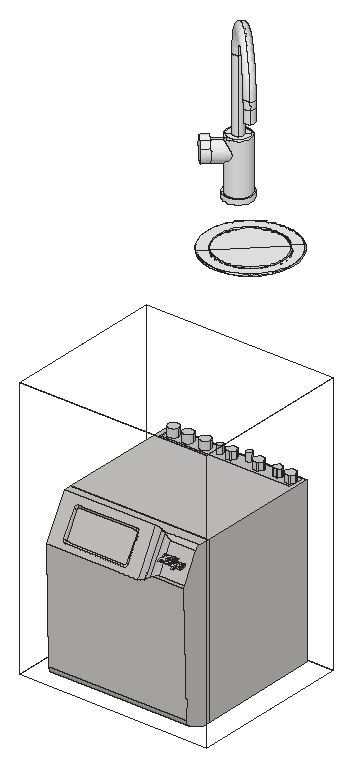
Revit family "PlumFixt_Zip Australia_Design Arc_BA", category Plumbing Fixtures, Revit 2015 (continued)
Definition of nested family "z_PlumFixt_Zip_Classic-Design_BA"
  Definition of nested family "Equipment"
    Forms (mm)
      Sweep 3, void
        profile origin (-24.148, -112.935, 319.796) x (0, 0.5, 0.866025) y (0, -0.866025, 0.5)
          loop
            line (0, 0) -> (-3.996, 0) -> (-3.996, -3.143) -> (-3.143, -3.143)
            arc (-3.143, -3.143) -> (-2.223, -0.921) -> (0, 0) r 3.143
      Extrusion 4, void
        sketch origin (-128.52, -126.754, 295.861) x (1, 0, 0) y (0, 0.5, 0.866025)
          loop
            line (43.252, 21.639) -> (43.252, -30.563)
            arc (43.252, -30.563) -> (43.839, -31.98) -> (45.256, -32.567) r 2.004
            line (45.256, -32.567) -> (163.487, -32.567)
            arc (163.487, -32.567) -> (164.904, -31.98) -> (165.491, -30.563) r 2.004
            line (165.491, -30.563) -> (165.491, 21.639)
            arc (165.491, 21.639) -> (164.904, 23.056) -> (163.487, 23.643) r 2.004
            line (163.487, 23.643) -> (45.256, 23.643)
            arc (45.256, 23.643) -> (43.839, 23.056) -> (43.252, 21.639) r 2.004
        from -3.143 to 0
      Extrusion 5, solid
        sketch origin (-197.405, -43.245, 461.287) x (0, -0.5, -0.866025) y (1, 0, 0)
          loop
            line (177.191, 305.834) -> (182.261, 303.157) -> (182.261, 310.561) -> (186.994, 300.759) -> (192.361, 297.905) -> (192.361, 318.632) -> (187.163, 321.281) -> (187.163, 312.107) -> (182.566, 321.532) -> (177.191, 324.39) -> (177.191, 305.834)
          loop
            line (178.987, 306.95) -> (180.424, 306.191) -> (180.424, 318.591) -> (188.404, 302.063) -> (190.507, 300.945) -> (190.507, 317.572) -> (188.992, 318.344) -> (188.992, 304.086) -> (181.221, 320.181) -> (178.987, 321.369) -> (178.987, 306.95)
          loop
            line (181.346, 324.627) -> (181.346, 330.26) -> (177.191, 332.469) -> (177.191, 326.836) -> (181.346, 324.627)
          loop
            line (178.795, 327.832) -> (179.812, 327.291) -> (179.812, 329.329) -> (178.795, 329.869) -> (178.795, 327.832)
          loop
            line (181.56, 324.595) -> (188.534, 321.042)
            arc (188.534, 321.042) -> (191.105, 321.143) -> (192.361, 323.387) r 2.632
            line (192.361, 323.387) -> (192.361, 328.141) -> (196.756, 325.805) -> (196.756, 331.592) -> (192.361, 333.928) -> (192.361, 341.484)
            arc (192.361, 341.484) -> (191.692, 343.898) -> (189.876, 345.621) r 4.686
            line (189.876, 345.621) -> (185.69, 347.847)
            arc (185.69, 347.847) -> (182.923, 347.775) -> (181.56, 345.366) r 2.81
            line (181.56, 345.366) -> (181.56, 333.819) -> (187.152, 330.845) -> (187.152, 327.364) -> (181.56, 330.303) -> (181.56, 324.595)
          loop
            line (184.689, 335.875) -> (189.05, 333.556) -> (189.05, 341.038)
            arc (189.05, 341.038) -> (188.759, 342.084) -> (187.972, 342.831) r 2.031
            line (187.972, 342.831) -> (186.101, 343.826)
            arc (186.101, 343.826) -> (185.155, 343.801) -> (184.689, 342.977) r 0.961
            line (184.689, 342.977) -> (184.689, 335.875)
          loop
            line (183.345, 325.722) -> (189.316, 322.584)
            arc (189.316, 322.584) -> (190.15, 322.609) -> (190.559, 323.335) r 0.848
            line (190.559, 323.335) -> (190.559, 331.219) -> (194.987, 328.865) -> (194.987, 330.399) -> (190.559, 332.753) -> (190.559, 341.486)
            arc (190.559, 341.486) -> (190.162, 342.921) -> (189.082, 343.945) r 2.785
            line (189.082, 343.945) -> (184.737, 346.255)
            arc (184.737, 346.255) -> (183.722, 346.228) -> (183.222, 345.344) r 1.032
            line (183.222, 345.344) -> (183.222, 334.979) -> (189.05, 331.88) -> (189.05, 325.843)
            arc (189.05, 325.843) -> (188.607, 325.059) -> (187.707, 325.032) r 0.916
            line (187.707, 325.032) -> (183.345, 327.325) -> (183.345, 325.722)
        from -0.6 to 0.246
    Cuts and joins
      Extrusion 2, Sweep 3, Extrusion 4 cuts Extrusion 1
    Lines and regions (mm)
      model lines, detail levels fine
        curve 1: line (-117.5, -89.099, 243.972) -> (-117.5, -150.536, 243.972)
        curve 2: line (-117.5, -150.499, 242.472) -> (-117.5, -89.099, 242.472)
        curve 3: line (162.5, -151.06, 265.495) -> (162.5, -89.099, 265.495)
        curve 4: line (162.5, -89.099, 263.993) -> (162.5, -151.023, 263.993)
        curve 5: line (-117.5, -150.499, 242.487) -> (62.46, -150.499, 242.487)
        curve 6: spline (62.46, -150.499, 242.487) -> (63.975, -150.5, 242.517) -> (65.488, -150.502, 242.606) -> (66.997, -150.506, 242.756) -> (68.498, -150.511, 242.965) -> (69.99, -150.517, 243.233) -> (71.47, -150.525, 243.56) -> (72.936, -150.535, 243.945) -> (74.385, -150.546, 244.388) -> (75.816, -150.558, 244.888) -> (77.226, -150.571, 245.444) -> (78.613, -150.586, 246.055) -> (79.975, -150.602, 246.721)
        curve 7: spline (79.975, -150.602, 246.721) -> (80.183, -150.605, 246.819) -> (80.406, -150.606, 246.879) -> (80.636, -150.607, 246.899) -> (80.865, -150.606, 246.88) -> (81.088, -150.605, 246.82) -> (81.297, -150.602, 246.723) -> (81.486, -150.599, 246.591) -> (81.649, -150.595, 246.428) -> (81.782, -150.591, 246.24) -> (81.879, -150.586, 246.031) -> (81.939, -150.58, 245.808) -> (81.959, -150.575, 245.579)
        curve 8: line (81.959, -150.575, 245.579) -> (81.959, -150.005, 222.21)
        curve 9: spline (81.959, -150.005, 222.21) -> (81.893, -149.953, 220.058) -> (81.674, -149.901, 217.917) -> (81.303, -149.849, 215.796) -> (80.783, -149.798, 213.707) -> (80.114, -149.748, 211.661) -> (79.302, -149.7, 209.667) -> (78.35, -149.653, 207.736) -> (77.263, -149.608, 205.877) -> (76.047, -149.564, 204.101) -> (74.707, -149.523, 202.415) -> (73.25, -149.485, 200.829) -> (71.685, -149.449, 199.351)
        curve 10: spline (71.685, -149.449, 199.351) -> (70.52, -149.422, 198.251) -> (69.436, -149.393, 197.072) -> (68.438, -149.363, 195.82) -> (67.532, -149.33, 194.5) -> (66.721, -149.297, 193.119) -> (66.01, -149.262, 191.685) -> (65.402, -149.226, 190.203) -> (64.9, -149.189, 188.683) -> (64.507, -149.151, 187.131) -> (64.225, -149.113, 185.555) -> (64.055, -149.074, 183.963) -> (63.999, -149.035, 182.363)
        curve 11: line (63.999, -149.035, 182.363) -> (63.999, -148.47, 159.188)
        curve 12: spline (63.999, -148.47, 159.188) -> (64.056, -148.431, 157.586) -> (64.228, -148.393, 155.993) -> (64.514, -148.354, 154.416) -> (64.911, -148.316, 152.864) -> (65.419, -148.279, 151.343) -> (66.035, -148.243, 149.864) -> (66.755, -148.208, 148.432) -> (67.575, -148.175, 147.055) -> (68.492, -148.143, 145.74) -> (69.501, -148.112, 144.494) -> (70.596, -148.084, 143.324) -> (71.773, -148.057, 142.235)
        curve 13: spline (71.773, -148.057, 142.235) -> (73.355, -148.022, 140.766) -> (74.825, -147.983, 139.184) -> (76.174, -147.942, 137.498) -> (77.394, -147.899, 135.718) -> (78.479, -147.853, 133.851) -> (79.424, -147.806, 131.91) -> (80.222, -147.757, 129.904) -> (80.869, -147.707, 127.845) -> (81.363, -147.656, 125.744) -> (81.699, -147.604, 123.612) -> (81.877, -147.551, 121.461) -> (81.896, -147.499, 119.302)
        curve 14: line (81.896, -147.499, 119.302) -> (81.896, -145.258, 27.303)
        curve 15: line (82.708, -145.258, 27.303) -> (82.708, -147.523, 120.306)
        curve 16: spline (82.708, -147.523, 120.306) -> (82.666, -147.555, 121.599) -> (82.567, -147.586, 122.89) -> (82.411, -147.617, 124.174) -> (82.2, -147.649, 125.451) -> (81.934, -147.679, 126.718) -> (81.613, -147.71, 127.972) -> (81.237, -147.74, 129.21) -> (80.808, -147.77, 130.431) -> (80.326, -147.799, 131.632) -> (79.792, -147.828, 132.811) -> (79.208, -147.856, 133.966) -> (78.573, -147.883, 135.094)
        curve 17: spline (78.573, -147.883, 135.094) -> (77.682, -147.922, 136.681) -> (76.863, -147.962, 138.306) -> (76.116, -148.002, 139.965) -> (75.444, -148.043, 141.656) -> (74.848, -148.085, 143.375) -> (74.329, -148.128, 145.119) -> (73.888, -148.171, 146.885) -> (73.526, -148.214, 148.668) -> (73.244, -148.258, 150.465) -> (73.042, -148.302, 152.274) -> (72.92, -148.346, 154.089) -> (72.88, -148.39, 155.908)
        curve 18: line (72.88, -148.39, 155.908) -> (72.88, -149.121, 185.89)
        curve 19: spline (72.88, -149.121, 185.89) -> (72.895, -149.163, 187.632) -> (72.992, -149.206, 189.372) -> (73.17, -149.248, 191.105) -> (73.429, -149.29, 192.828) -> (73.769, -149.331, 194.537) -> (74.189, -149.373, 196.228) -> (74.687, -149.413, 197.897) -> (75.263, -149.453, 199.542) -> (75.916, -149.493, 201.157) -> (76.643, -149.531, 202.741) -> (77.444, -149.569, 204.288) -> (78.316, -149.606, 205.796)
        curve 20: spline (78.316, -149.606, 205.796) -> (78.995, -149.634, 206.968) -> (79.62, -149.663, 208.17) -> (80.189, -149.693, 209.399) -> (80.702, -149.724, 210.653) -> (81.157, -149.755, 211.929) -> (81.553, -149.786, 213.224) -> (81.889, -149.818, 214.536) -> (82.166, -149.851, 215.861) -> (82.381, -149.883, 217.198) -> (82.536, -149.916, 218.544) -> (82.628, -149.949, 219.895) -> (82.659, -149.982, 221.249)
        curve 21: line (82.659, -149.982, 221.249) -> (82.659, -150.589, 246.17)
        curve 22: spline (82.659, -150.589, 246.17) -> (82.668, -150.595, 246.401) -> (82.694, -150.6, 246.63) -> (82.737, -150.606, 246.856) -> (82.798, -150.611, 247.078) -> (82.875, -150.616, 247.295) -> (82.968, -150.621, 247.506) -> (83.077, -150.626, 247.709) -> (83.2, -150.631, 247.904) -> (83.339, -150.636, 248.088) -> (83.49, -150.64, 248.261) -> (83.655, -150.644, 248.423) -> (83.831, -150.647, 248.571)
        curve 23: line (83.831, -150.647, 248.571) -> (100.379, -150.962, 261.493)
        curve 24: spline (100.379, -150.962, 261.493) -> (100.904, -150.972, 261.88) -> (101.45, -150.98, 262.238) -> (102.015, -150.988, 262.565) -> (102.597, -150.995, 262.86) -> (103.195, -151.002, 263.123) -> (103.806, -151.007, 263.352) -> (104.429, -151.012, 263.547) -> (105.061, -151.016, 263.708) -> (105.702, -151.019, 263.833) -> (106.348, -151.021, 263.923) -> (106.999, -151.023, 263.977) -> (107.651, -151.023, 263.995)
        curve 25: line (107.651, -151.023, 263.995) -> (162.5, -151.023, 263.995)
        curve 26: line (162.5, -151.06, 265.496) -> (108.852, -151.06, 265.496)
        curve 27: spline (108.852, -151.06, 265.496) -> (107.924, -151.059, 265.47) -> (106.999, -151.057, 265.393) -> (106.08, -151.054, 265.266) -> (105.169, -151.05, 265.087) -> (104.269, -151.044, 264.859) -> (103.384, -151.037, 264.581) -> (102.515, -151.029, 264.255) -> (101.665, -151.02, 263.882) -> (100.837, -151.01, 263.462) -> (100.034, -150.999, 262.997) -> (99.258, -150.986, 262.488) -> (98.511, -150.973, 261.937)
        curve 28: line (98.511, -150.973, 261.937) -> (86.163, -150.738, 252.296)
        curve 29: spline (86.163, -150.738, 252.296) -> (84.419, -150.707, 251.01) -> (82.606, -150.678, 249.822) -> (80.73, -150.651, 248.736) -> (78.798, -150.628, 247.755) -> (76.814, -150.606, 246.883) -> (74.785, -150.588, 246.121) -> (72.717, -150.572, 245.473) -> (70.616, -150.559, 244.94) -> (68.489, -150.549, 244.523) -> (66.342, -150.542, 244.225) -> (64.182, -150.537, 244.046) -> (62.015, -150.536, 243.986)
        curve 30: line (62.015, -150.536, 243.986) -> (-117.5, -150.536, 243.986)
    Dimensions and locks
      equal spacing: plane 4 "Left", plane 2 "Center (Left/Right)", plane 3 "Right"
      "Overall Width": plane 4 "Left" to plane 3 "Right"
      "Overall Height": plane 5 "Top" to level
      plane 6 "Front" to plane 7 "Back" = 62 mm
      plane 5 "Top" to plane 1 "Bottom" = 333 mm
      aligned and locked: level to plane 1 "Bottom"
      aligned and locked: plane 3 "Right" to cut or joined group of Extrusion 1, Extrusion 2, Sweep 3, Extrusion 4
      aligned and locked: Extrusion 1 to plane 4 "Left"
      aligned and locked: plane 5 "Top" to cut or joined group of Extrusion 1, Extrusion 2, Sweep 3, Extrusion 4
      aligned and locked: Extrusion 1 to plane 7 "Back"
    Automatic sketch dimensions
      Extrusion 1 sketch curve to Extrusion 1 sketch curve = 1.337 mm
      Extrusion 1 sketch curve to Extrusion 1 sketch curve = 9.997 mm
      level to Extrusion 1 sketch curve = 14.211 mm
      Extrusion 1 sketch curve to Extrusion 1 sketch curve = 8.895 mm
      Extrusion 1 sketch curve to Extrusion 1 sketch curve = 6.101 mm
      Extrusion 1 sketch curve to Extrusion 1 sketch curve = 10.316 mm
      level to Extrusion 1 sketch curve = 1.033 mm
      level to Extrusion 1 sketch curve = 0 mm
      Extrusion 1 sketch curve to Extrusion 1 sketch curve = 13.338 mm
      Extrusion 1 sketch curve to Extrusion 1 sketch curve = 243.821 mm
      Extrusion 1 sketch curve to Extrusion 1 sketch curve = 0.243 mm
      Extrusion 1 sketch curve to Extrusion 1 sketch curve = 49.475 mm
      Extrusion 1 sketch curve to Extrusion 1 sketch curve = 5.956 mm
      plane 6 "Front" to Extrusion 1 sketch curve = 0.104 mm
      Extrusion 1 sketch curve to plane 6 "Front" = 5.835 mm
      Extrusion 1 sketch curve to plane 6 "Front" = 30.349 mm
      Extrusion 1 sketch curve to Extrusion 1 sketch curve = 29.599 mm
      Extrusion 1 sketch curve to Extrusion 1 sketch curve = 4.859 mm
      Extrusion 1 sketch curve to Extrusion 1 sketch curve = 21.335 mm
      plane 2 "Center (Left/Right)" to Extrusion 2 sketch curve = 44.355 mm
      Extrusion 2 sketch curve to plane 4 "Left" = 15 mm
      Extrusion 2 sketch curve to Extrusion 2 sketch curve = 7.972 mm
      Extrusion 2 sketch curve to Extrusion 2 sketch curve = 25 mm
      Extrusion 2 sketch curve to plane 3 "Right" = 67.73 mm
      Extrusion 2 sketch curve to Extrusion 2 sketch curve = 3.015 mm
      plane 2 "Center (Left/Right)" to Extrusion 2 sketch curve = 59.187 mm
      Extrusion 2 sketch curve to Extrusion 2 sketch curve = 7.777 mm
      Extrusion 2 sketch curve to Extrusion 2 sketch curve = 50 mm
      Extrusion 2 sketch curve to Extrusion 2 sketch curve = 6.024 mm
      plane 4 "Left" to Sweep 3 sketch curve = 28.236 mm
      Sweep 3 sketch curve to Sweep 3 sketch curve = 6 mm  (x3)
      plane 2 "Center (Left/Right)" to Sweep 3 sketch curve = 12.467 mm  (x2)
      Sweep 3 sketch curve to Sweep 3 sketch curve = 52.201 mm
      Sweep 3 sketch curve to profile plane = 0 mm
      profile plane to Sweep 3 sketch curve = 0 mm
      profile plane to Sweep 3 sketch curve = 3.143 mm
      Sweep 3 sketch curve to Sweep 3 sketch curve = 0.853 mm
      Extrusion 4 sketch curve to Extrusion 2 = 47.232 mm
      Extrusion 4 sketch curve to Extrusion 4 sketch curve = 2.004 mm  (x3)
      Extrusion 4 sketch curve to Extrusion 2 = 31.888 mm  (x2)
      Extrusion 2 to Extrusion 4 sketch curve = 51.323 mm
      Extrusion 2 to Extrusion 4 sketch curve = 49.216 mm
      Extrusion 1 to Extrusion 5 sketch curve = 22.181 mm
      Extrusion 5 sketch curve to Extrusion 5 sketch curve = 0 mm  (x2)
      Extrusion 5 sketch curve to Extrusion 5 sketch curve = 1.604 mm
      Extrusion 5 sketch curve to Extrusion 5 sketch curve = 1.796 mm
      Extrusion 5 sketch curve to Extrusion 5 sketch curve = 1.017 mm
      Extrusion 5 sketch curve to Extrusion 5 sketch curve = 1.438 mm
      Extrusion 5 sketch curve to Extrusion 5 sketch curve = 0.797 mm
      Extrusion 5 sketch curve to Extrusion 5 sketch curve = 1.534 mm
      Extrusion 5 sketch curve to Extrusion 5 sketch curve = 0.214 mm
      Extrusion 5 sketch curve to Extrusion 5 sketch curve = 4.369 mm
      Extrusion 5 sketch curve to Extrusion 5 sketch curve = 1.837 mm
      Extrusion 5 sketch curve to Extrusion 5 sketch curve = 1.346 mm
      Extrusion 5 sketch curve to Extrusion 5 sketch curve = 1.661 mm
      Extrusion 5 sketch curve to Extrusion 5 sketch curve = 1.785 mm
      Extrusion 5 sketch curve to Extrusion 5 sketch curve = 1.032 mm
      Extrusion 5 sketch curve to Extrusion 5 sketch curve = 0.117 mm
      Extrusion 5 sketch curve to Extrusion 5 sketch curve = 1.467 mm
      Extrusion 1 to Extrusion 5 sketch curve = 13.65 mm
      Extrusion 5 sketch curve to Extrusion 5 sketch curve = 0.367 mm
      Extrusion 5 sketch curve to Extrusion 5 sketch curve = 0.961 mm
      Extrusion 1 to Extrusion 5 sketch curve = 12.058 mm
      Extrusion 5 sketch curve to Extrusion 5 sketch curve = 0.952 mm
      Extrusion 1 to Extrusion 5 sketch curve = 16.079 mm
      Extrusion 5 sketch curve to Extrusion 5 sketch curve = 0.451 mm
      Extrusion 5 sketch curve to Extrusion 5 sketch curve = 4.732 mm
      Extrusion 5 sketch curve to Extrusion 5 sketch curve = 1.368 mm
      Extrusion 5 sketch curve to Extrusion 5 sketch curve = 3.807 mm
      Extrusion 5 sketch curve to Extrusion 5 sketch curve = 4.597 mm
      Extrusion 5 sketch curve to Extrusion 5 sketch curve = 0.658 mm
      Extrusion 5 sketch curve to Extrusion 5 sketch curve = 0.554 mm
      Extrusion 5 sketch curve to Extrusion 5 sketch curve = 0.099 mm
      Extrusion 5 sketch curve to Extrusion 5 sketch curve = 0.197 mm
      Extrusion 5 sketch curve to Extrusion 5 sketch curve = 0.426 mm
      Extrusion 5 sketch curve to Extrusion 5 sketch curve = 1.41 mm
      Extrusion 5 sketch curve to Extrusion 5 sketch curve = 1.371 mm
      Extrusion 5 sketch curve to Extrusion 5 sketch curve = 0.588 mm
      Extrusion 5 sketch curve to Extrusion 5 sketch curve = 1.897 mm
      Extrusion 5 sketch curve to Extrusion 5 sketch curve = 0.916 mm
      Extrusion 1 to Extrusion 5 sketch curve = 15.96 mm
      Extrusion 5 sketch curve to Extrusion 5 sketch curve = 1.11 mm
      Extrusion 5 sketch curve to Extrusion 5 sketch curve = 0.782 mm
      Extrusion 5 sketch curve to Extrusion 5 sketch curve = 0.395 mm
      Extrusion 5 sketch curve to Extrusion 5 sketch curve = 0.018 mm
      Extrusion 1 to Extrusion 5 sketch curve = 14.284 mm
      Extrusion 5 sketch curve to Extrusion 5 sketch curve = 0.794 mm
      Extrusion 5 sketch curve to Extrusion 5 sketch curve = 1.515 mm
      Extrusion 5 sketch curve to Extrusion 5 sketch curve = 0.83 mm
      Extrusion 5 sketch curve to Extrusion 5 sketch curve = 1.855 mm
      Extrusion 5 sketch curve to Extrusion 5 sketch curve = 1.802 mm  (x2)
      Extrusion 5 sketch curve to Extrusion 5 sketch curve = 2.625 mm
      Extrusion 5 sketch curve to Extrusion 5 sketch curve = 1.769 mm
      Extrusion 5 sketch curve to Extrusion 5 sketch curve = 0.446 mm
      Extrusion 5 sketch curve to Extrusion 5 sketch curve = 5.163 mm
      Extrusion 5 sketch curve to Extrusion 5 sketch curve = 0.896 mm
      Extrusion 5 sketch curve to Extrusion 5 sketch curve = 7.556 mm
      Extrusion 5 sketch curve to Extrusion 5 sketch curve = 1.16 mm
      Extrusion 5 sketch curve to Extrusion 5 sketch curve = 0.372 mm
      Extrusion 5 sketch curve to Extrusion 5 sketch curve = 0.803 mm
      Extrusion 5 sketch curve to Extrusion 5 sketch curve = 1.35 mm
      Extrusion 5 sketch curve to Extrusion 5 sketch curve = 1.676 mm
      Extrusion 5 sketch curve to Extrusion 5 sketch curve = 2.336 mm
      Extrusion 5 sketch curve to Extrusion 5 sketch curve = 1.535 mm  (x2)
      Extrusion 5 sketch curve to Extrusion 5 sketch curve = 1.035 mm
      Extrusion 5 sketch curve to Extrusion 5 sketch curve = 1.192 mm
      Extrusion 5 sketch curve to Extrusion 5 sketch curve = 3.516 mm
      Extrusion 5 sketch curve to Extrusion 5 sketch curve = 0.043 mm
      Extrusion 5 sketch curve to Extrusion 5 sketch curve = 0.391 mm
      Extrusion 5 sketch curve to Extrusion 5 sketch curve = 0.541 mm  (x2)
      Extrusion 5 sketch curve to Extrusion 5 sketch curve = 0.724 mm
      Extrusion 5 sketch curve to Extrusion 5 sketch curve = 1.497 mm
      Extrusion 5 sketch curve to Extrusion 5 sketch curve = 3.482 mm
      Extrusion 5 sketch curve to Extrusion 5 sketch curve = 2.978 mm
      Extrusion 5 sketch curve to Extrusion 5 sketch curve = 0.995 mm
      Extrusion 5 sketch curve to Extrusion 5 sketch curve = 1.52 mm
      Extrusion 5 sketch curve to Extrusion 5 sketch curve = 3.06 mm
      Extrusion 5 sketch curve to Extrusion 5 sketch curve = 1.603 mm
      Extrusion 5 sketch curve to Extrusion 5 sketch curve = 1.095 mm
      Extrusion 5 sketch curve to Extrusion 5 sketch curve = 0.032 mm
      Extrusion 5 sketch curve to Extrusion 5 sketch curve = 2.446 mm
      Extrusion 5 sketch curve to Extrusion 5 sketch curve = 2.457 mm
      Extrusion 5 sketch curve to Extrusion 5 sketch curve = 0.052 mm
      Extrusion 5 sketch curve to Extrusion 5 sketch curve = 3.063 mm
      Extrusion 5 sketch curve to Extrusion 5 sketch curve = 3.021 mm
      Extrusion 5 sketch curve to Extrusion 5 sketch curve = 0.239 mm
      Extrusion 5 sketch curve to Extrusion 5 sketch curve = 1.351 mm
      Extrusion 5 sketch curve to Extrusion 5 sketch curve = 2.41 mm
      Extrusion 5 sketch curve to Extrusion 5 sketch curve = 1.59 mm
      Extrusion 5 sketch curve to Extrusion 5 sketch curve = 2.698 mm
      Extrusion 5 sketch curve to Extrusion 5 sketch curve = 0.772 mm
      Extrusion 5 sketch curve to Extrusion 5 sketch curve = 5.465 mm
      Extrusion 5 sketch curve to Extrusion 5 sketch curve = 1.546 mm
      Extrusion 5 sketch curve to Extrusion 5 sketch curve = 3.611 mm
      Extrusion 5 sketch curve to Extrusion 5 sketch curve = 0.759 mm
      Extrusion 5 sketch curve to Extrusion 5 sketch curve = 1.116 mm
      Extrusion 5 sketch curve to Extrusion 5 sketch curve = 8.021 mm
      Extrusion 5 sketch curve to Extrusion 5 sketch curve = 3.034 mm
      Extrusion 5 sketch curve to Extrusion 5 sketch curve = 2.023 mm
      Extrusion 5 sketch curve to Extrusion 5 sketch curve = 1.118 mm
      Extrusion 5 sketch curve to Extrusion 5 sketch curve = 1.305 mm
      Extrusion 5 sketch curve to Extrusion 5 sketch curve = 3.041 mm
      curve 2 to plane 7 "Back" = 0 mm
      curve 1 to plane 7 "Back" = 0 mm
      curve 2 to plane 6 "Front" = 0.6 mm
      curve 2 to plane 5 "Top" = 90.528 mm
      curve 1 to plane 6 "Front" = 0.563 mm
      curve 2 to curve 1 = 1.5 mm
      curve 4 to plane 7 "Back" = 0 mm
      curve 3 to plane 7 "Back" = 0 mm
      curve 4 to plane 5 "Top" = 69.007 mm
      curve 4 to plane 6 "Front" = 0.076 mm
      curve 3 to plane 6 "Front" = 0.039 mm
      curve 4 to curve 3 = 1.501 mm
      curve 26 to Extrusion 1 = 0 mm
      curve 25 to Extrusion 1 = 0 mm
      curve 5 to Extrusion 1 = 0 mm
      Extrusion 1 to curve 26 = 5.876 mm
      curve 26 to curve 25 = 1.501 mm
      curve 25 to curve 28 = 2.059 mm
      curve 28 to curve 23 = 0.445 mm
      curve 27 to curve 28 = 9.645 mm
      curve 28 to curve 23 = 3.725 mm
      curve 23 to curve 21 = 2.402 mm
      curve 22 to curve 8 = 0.592 mm
      curve 7 to curve 30 = 1.593 mm
      curve 30 to curve 5 = 1.5 mm
      curve 8 to curve 8 = 23.376 mm
      curve 8 to curve 21 = 0.962 mm
      curve 21 to curve 18 = 35.369 mm
      curve 19 to curve 11 = 3.529 mm
      curve 11 to curve 11 = 23.182 mm
      curve 11 to curve 18 = 3.281 mm
      curve 17 to curve 15 = 35.613 mm
      curve 15 to curve 14 = 1.004 mm
      Extrusion 1 to curve 30 = 100.485 mm
      curve 30 to curve 5 = 0.445 mm
      curve 5 to curve 11 = 1.539 mm
      curve 11 to curve 18 = 8.881 mm
      curve 17 to curve 14 = 9.016 mm
      curve 6 to curve 8 = 19.499 mm
      curve 8 to curve 21 = 0.7 mm
      curve 13 to curve 15 = 0.812 mm
      curve 21 to curve 23 = 1.172 mm
      curve 22 to curve 28 = 2.332 mm
      curve 29 to curve 28 = 12.348 mm
      curve 28 to curve 23 = 1.868 mm
      curve 23 to curve 25 = 7.272 mm
      curve 24 to curve 26 = 1.2 mm
      curve 6 to Extrusion 1 = 9.418 mm
      curve 29 to curve 6 = 2.401 mm
      curve 25 to curve 24 = 11.808 mm
      curve 24 to curve 27 = 3.482 mm
      curve 6 to curve 7 = 1.142 mm
      curve 8 to curve 9 = 0.149 mm
      curve 21 to curve 19 = 15.457 mm
      curve 19 to curve 10 = 6.448 mm
      curve 19 to curve 10 = 4.076 mm
      curve 17 to curve 13 = 13.677 mm
      curve 13 to curve 17 = 7.142 mm
      curve 15 to curve 13 = 0.174 mm
      curve 13 to curve 16 = 0.16 mm
      Extrusion 1 to curve 14 = 0.246 mm
      Extrusion 1 to curve 15 = 0.246 mm
      curve 30 to Extrusion 1 = 0 mm
      curve 9 to curve 5 = 10.765 mm
      curve 13 to curve 14 = 29.185 mm
      curve 9 to curve 20 = 1.269 mm
      curve 13 to curve 16 = 0.258 mm
      curve 9 to curve 19 = 1.195 mm
      curve 13 to curve 17 = 1.107 mm
      curve 9 to curve 20 = 6.632 mm
      curve 13 to curve 16 = 6.801 mm
      curve 6 to curve 7 = 1.985 mm
      curve 6 to curve 7 = 0.663 mm
      curve 23 to curve 22 = 1.877 mm
      curve 18 to curve 12 = 13.514 mm
      curve 18 to curve 10 = 13.758 mm
      curve 10 to curve 19 = 0.802 mm
      curve 12 to curve 17 = 5.027 mm
Definition of nested family "z_PlumFixt_Zip Australia_Font"
  Parameters (values of type "Bright Chrome")
    Waste Connection = yes
    Vent Connection = no
    URL = "https://www.zipwater.com/"
    Type Comments = ""
    ModifiedIssue_ANZRS = 20180108
    Model = "93441 - Bright Chrome"
    Manufacturer_URL__Product Specific = "https://www.zipwater.com/shop/hydrotap-accessories/font-stand-alone-design-range-arc-cube-elite-nickel"
    Manufacturer_Spec Code = "93441"
    Manufacturer_Overall Width = 176 mm  # constant formula
    Manufacturer_Overall Height = 52 mm  # constant formula
    Manufacturer_Overall Depth = 176 mm  # constant formula
    Manufacturer = "Zip Australia"  # constant formula
    HW Connection = no
    Fixture Material = none
    Description = ""
    Default Elevation = 0 mm
    CreatedBy_ANZRS = "UNIFI Labs"  # constant formula
    CreatedByURL_ANZRS = "http://www.unifilabs.com/"
    CW Connection = no
  Types (12, lengths in mm): name | Model | Manufacturer_Spec Code
    Bright Chrome | "93441 - Bright Chrome" | "93441"
    Brushed Chrome | "93441Z1 - Brushed Chrome" | "93441Z1"
    Gloss Black | "93441Z2 - Gloss Black" | "93441Z2"
    Matte Black | "93441Z3 - Matte Black" | "93441Z3"
    Rose Gold | "93441Z4 - Rose Gold" | "93441Z4"
    Brushed Rose Gold | "93441Z5 - Brushed Rose Gold" | "93441Z5"
    Gold | "93441Z6 - Gold" | "93441Z6"
    Brushed Gold | "93441Z7 - Brushed Gold" | "93441Z7"
    Platinum | "93441Z8 - Platinum" | "93441Z8"
    Gunmetal | "93441Z9 - Gunmetal" | "93441Z9"
    Nickel | "93441Z10 - Nickel" | "93441Z10"
    Brushed Nickel | "93441Z11 - Brushed Nickel" | "93441Z11"
  Reference planes
    plane 1 "Ref. Level": z = 0
    plane 2 "Center (Left/Right)": x = 1
    plane 3 "Right": x = 89
    plane 4 "Left": x = -87
    plane 5 "Bottom": z = -49.244
    plane 6 "Top": z = 2.756
    plane 7 "Back": y = 103
    plane 8 "Center (Front/Back)": y = 15
    plane 9 "Front": y = -73
    plane 10 "Top of benchtop": z = 0
  Forms (mm)
    Revolve 1, solid, material <- "Fixture Material", detail levels fine
      sketch origin (0, 15, 0) x (-1, 0, 0) y (0, 0, 1)
        loop
          arc (87, 2.238) -> (86.848, 2.604) -> (86.482, 2.756) r 0.518
          line (86.482, 2.756) -> (65.186, 2.756)
          arc (65.186, 2.756) -> (64.832, 2.609) -> (64.686, 2.256) r 0.5
          line (64.686, 2.256) -> (64.686, 0.228)
          arc (64.686, 0.228) -> (64.492, -0.239) -> (64.025, -0.433) r 0.66
          line (64.025, -0.433) -> (54.875, -0.433)
          arc (54.875, -0.433) -> (34.072, -8.514) -> (12.214, -13.021) r 133.612
          arc (12.214, -13.021) -> (10.341, -13.802) -> (9.153, -15.446) r 3.733
          arc (9.153, -15.446) -> (8.93, -16.276) -> (8.855, -17.133) r 4.915
          line (8.855, -17.133) -> (8.855, -43.246) -> (9.918, -43.246) -> (9.918, -17.085)
          arc (9.918, -17.085) -> (10.424, -16.452) -> (11.179, -16.158) r 1.563
          arc (11.179, -16.158) -> (33.913, -11.683) -> (55.564, -3.431) r 136.611
          line (55.564, -3.431) -> (63.781, -3.431)
          arc (63.781, -3.431) -> (66.207, -2.426) -> (67.212, 0) r 3.431
          line (67.212, 0) -> (87, 0) -> (87, 2.238)
        axis (-1, 2.756) -> (-1, -43.246)
      angle from 0 to 360
    Revolve 2, solid, material <- "Fixture Material", detail levels fine
      sketch origin (0, 15, 0) x (-1, 0, 0) y (0, 0, 1)
        loop
          line (-1, 2.656) -> (-65.366, 2.656)
          arc (-65.366, 2.656) -> (-66.644, 1.378) -> (-65.366, 0.1) r 1.278
          line (-65.366, 0.1) -> (-1, 0.1) -> (-1, 2.656)
        axis (-1, 2.656) -> (-1, 0.1)
      angle from 0 to 360
    Extrusion 3, solid, material <- "Fixture Material", detail levels coarse+medium
      sketch origin (0, 0, 0) x (0, 1, 0) y (-1, 0, 0)
        loop
          circle (15, -1) r 88
      from 0 to 2.756
    Revolve 4, solid, material <- "Fixture Material", detail levels coarse+medium
      sketch origin (0, 15, 0) x (-1, 0, 0) y (0, 0, 1)
        loop
          line (67.212, -3.431) -> (67.212, 0) -> (-1, 0) -> (-1, -43.246) -> (9.918, -43.246) -> (9.918, -16.291)
          arc (9.918, -16.291) -> (33.303, -11.857) -> (55.564, -3.431) r 136.611
          line (55.564, -3.431) -> (67.212, -3.431)
        axis (-1, 0) -> (-1, -43.246)
      angle from 0 to 360
  Lines and regions (mm)
    Masking region 1
      outline origin (0, 0, 2.756) x (0, 1, 0) y (-1, 0, 0)
        loop
          circle (15, -1) r 88
    Masking region 2
      outline origin (0, -73, 0) x (-1, 0, 0) y (0, 0, 1)
        loop
          line (87, 2.756) -> (-89, 2.756) -> (-89, 0) -> (87, 0) -> (87, 2.756)
    Masking region 3
      outline origin (-87, 0, 0) x (0, -1, 0) y (0, 0, 1)
        loop
          line (73, 2.756) -> (-103, 2.756) -> (-103, 0) -> (73, 0) -> (73, 2.756)
    symbolic lines, detail levels medium+fine
      curve 1: circle (1, 15, 2.756) r 65.635 normal (0, 0, 1)
    model lines, detail levels coarse+medium
      curve 2: circle (1, 15, 2.756) r 65.635 normal (0, 0, 1)
  Dimensions and locks
    plane 10 "Top of benchtop" to plane 1 "Ref. Level" = 0 mm
    "Manufacturer_Overall Width": plane 4 "Left" to plane 3 "Right"
    "Manufacturer_Overall Depth": plane 7 "Back" to plane 9 "Front"
    equal spacing: plane 4 "Left", plane 2 "Center (Left/Right)", plane 3 "Right"
    equal spacing: plane 7 "Back", plane 8 "Center (Front/Back)", plane 9 "Front"
    "Manufacturer_Overall Height": plane 6 "Top" to plane 5 "Bottom"
    locked: plane 6 "Top" to plane 10 "Top of benchtop" at 2.756
    aligned and locked: plane 6 "Top" to Extrusion 3
    aligned and locked: plane 2 "Center (Left/Right)" to Revolve 4 sketch curve  (x2)
    aligned and locked: plane 10 "Top of benchtop" to Revolve 4 sketch curve
  Automatic sketch dimensions
    Revolve 2 sketch curve to plane 2 "Center (Left/Right)" = 0 mm  (x2)
    Revolve 2 sketch curve to plane 6 "Top" = 0.1 mm
    plane 3 "Right" to Revolve 2 sketch curve = 23.634 mm
    Revolve 2 sketch curve to Revolve 2 sketch curve = 1.278 mm
    Revolve 2 sketch curve to plane 5 "Bottom" = 10.902 mm
    plane 6 "Top" to Revolve 2 sketch curve = 2.098 mm
    plane 3 "Right" to Masking region 2 sketch curve = 0 mm
    plane 4 "Left" to Masking region 2 sketch curve = 0 mm
    Masking region 2 sketch curve to plane 6 "Top" = 0 mm
    Masking region 3 sketch curve to plane 6 "Top" = 0 mm
    Masking region 3 sketch curve to plane 7 "Back" = 0 mm
    Masking region 3 sketch curve to plane 9 "Front" = 0 mm
    Masking region 1 sketch curve to Masking region 1 sketch curve = 0 mm  (x2)
    Masking region 1 sketch curve to plane 3 "Right" = 0 mm
    Masking region 1 sketch curve to plane 8 "Center (Front/Back)" = 0 mm
    Masking region 1 sketch curve to plane 2 "Center (Left/Right)" = 0 mm
    Masking region 2 sketch curve to plane 6 "Top" = 2.756 mm
    Masking region 3 sketch curve to plane 10 "Top of benchtop" = 0 mm
    Revolve 1 sketch curve to plane 2 "Center (Left/Right)" = 0 mm
    Revolve 1 sketch curve to plane 10 "Top of benchtop" = 0 mm
    Revolve 1 sketch curve to plane 6 "Top" = 0 mm
    plane 4 "Left" to Revolve 1 sketch curve = 0 mm
    plane 2 "Center (Left/Right)" to Revolve 1 sketch curve = 2.742 mm
    Revolve 1 sketch curve to Revolve 1 sketch curve = 0 mm  (x2)
    Revolve 1 sketch curve to plane 2 "Center (Left/Right)" = 9.855 mm
    Revolve 1 sketch curve to Revolve 1 sketch curve = 1.063 mm
    Revolve 1 sketch curve to Revolve 1 sketch curve = 1.432 mm
    Revolve 1 sketch curve to Revolve 1 sketch curve = 1.31 mm
    Revolve 1 sketch curve to Revolve 1 sketch curve = 1.111 mm
    Revolve 1 sketch curve to plane 10 "Top of benchtop" = 0.433 mm
    Revolve 1 sketch curve to plane 4 "Left" = 32.125 mm
    Revolve 1 sketch curve to Revolve 1 sketch curve = 0.689 mm
    Revolve 1 sketch curve to plane 10 "Top of benchtop" = 3.431 mm
    Revolve 1 sketch curve to Revolve 1 sketch curve = 8.217 mm
    Revolve 1 sketch curve to Revolve 1 sketch curve = 0.244 mm
    Revolve 1 sketch curve to plane 6 "Top" = 0.5 mm
    Revolve 1 sketch curve to Revolve 1 sketch curve = 0.66 mm
    Revolve 1 sketch curve to plane 4 "Left" = 0.518 mm
    Revolve 1 sketch curve to plane 10 "Top of benchtop" = 16.727 mm
    Revolve 1 sketch curve to Revolve 1 sketch curve = 0.359 mm
    Revolve 1 sketch curve to Revolve 1 sketch curve = 0.047 mm
    Revolve 1 sketch curve to Revolve 1 sketch curve = 0.626 mm
    plane 5 "Bottom" to Revolve 1 sketch curve = 5.998 mm
    plane 6 "Top" to Revolve 1 sketch curve = 116.879 mm
    Revolve 1 sketch curve to Revolve 1 sketch curve = 0.001 mm
    Revolve 1 sketch curve to level = 132.9 mm
    Revolve 1 sketch curve to Revolve 1 sketch curve = 131.339 mm
    Extrusion 3 sketch curve to plane 2 "Center (Left/Right)" = 0 mm
    Extrusion 3 sketch curve to plane 8 "Center (Front/Back)" = 0 mm
    curve 1 to curve 2 = 0 mm  (x2)
    curve 2 to plane 2 "Center (Left/Right)" = 0 mm
    curve 2 to plane 8 "Center (Front/Back)" = 0 mm
    plane 2 "Center (Left/Right)" to Revolve 4 sketch curve = 2.742 mm
    Revolve 4 sketch curve to plane 2 "Center (Left/Right)" = 10.918 mm
    Revolve 4 sketch curve to plane 10 "Top of benchtop" = 3.431 mm
    Revolve 4 sketch curve to plane 4 "Left" = 31.436 mm
    Revolve 4 sketch curve to Revolve 4 sketch curve = 11.649 mm
    Revolve 4 sketch curve to Revolve 4 sketch curve = 16.291 mm
    plane 5 "Bottom" to Revolve 4 sketch curve = 5.998 mm
    Revolve 4 sketch curve to plane 5 "Bottom" = 61.664 mm
    Revolve 4 sketch curve to Revolve 4 sketch curve = 13.313 mm
    radius of Extrusion 3 sketch curve = 88 mm
    radius of curve 1 = 65.635 mm
    radius of curve 2 = 65.635 mm
Types (12, lengths in mm): name | Type Comments | Tap | Model | Manufacturer_Spec Code
  Bright Chrome | "HydroTap Arc BA - Bright Chrome" | z_PlumFixt_Zip Australia_Arc : Bright Chrome | "HT2785 - Bright Chrome" | "HT2785"
  Brushed Chrome | "HydroTap Arc BA - Brushed Chrome" | z_PlumFixt_Zip Australia_Arc : Brushed Chrome | "HT2785Z1 - Brushed Chrome" | "HT2785Z1"
  Gloss Black | "HydroTap Arc BA - Gloss Black" | z_PlumFixt_Zip Australia_Arc : Gloss Black | "HT2785Z2 - Gloss Black" | "HT2785Z2"
  Matte Black | "HydroTap Arc BA - Matte Black" | z_PlumFixt_Zip Australia_Arc : Matte Black | "HT2785Z3 - Matte Black" | "HT2785Z3"
  Rose Gold | "HydroTap Arc BA - Rose Gold" | z_PlumFixt_Zip Australia_Arc : Rose Gold | "HT2785Z4 - Rose Gold" | "HT2785Z4"
  Brushed Rose Gold | "HydroTap Arc BA - Brushed Rose Gold" | z_PlumFixt_Zip Australia_Arc : Brushed Rose Gold | "HT2785Z5 - Brushed Rose Gold" | "HT2785Z5"
  Gold | "HydroTap Arc BA - Gold" | z_PlumFixt_Zip Australia_Arc : Gold | "HT2785Z6 - Gold" | "HT2785Z6"
  Brushed Gold | "HydroTap Arc BA - Brushed Gold" | z_PlumFixt_Zip Australia_Arc : Brushed Gold | "HT2785Z7 - Brushed Gold" | "HT2785Z7"
  Platinum | "HydroTap Arc BA - Platinum" | z_PlumFixt_Zip Australia_Arc : Platinum | "HT2785Z8 - Platinum" | "HT2785Z8"
  Gunmetal | "HydroTap Arc BA - Gunmetal" | z_PlumFixt_Zip Australia_Arc : Gunmetal | "HT2785Z9 - Gunmetal" | "HT2785Z9"
  Nickel | "HydroTap Arc BA - Nickel" | z_PlumFixt_Zip Australia_Arc : Nickel | "HT2785Z10 - Nickel" | "HT2785Z10"
  Brushed Nickel | "HydroTap Arc BA - Brushed Nickel" | z_PlumFixt_Zip Australia_Arc : Brushed Nickel | "HT2785Z11 - Brushed Nickel" | "HT2785Z11"
